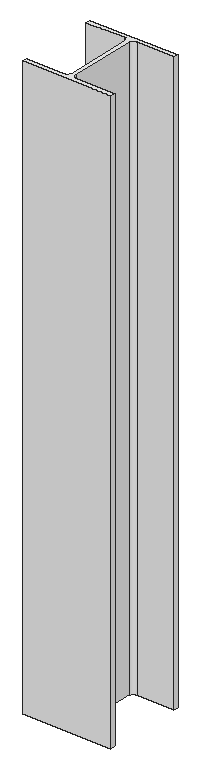
Revit family "HP-Bearing Pile-Column", category 구조 기둥, Revit 2026
Family settings
  단면 모양 = 정의되지 않음
  모델 동작 재료 = 스틸
  항상 형상으로 내보내기 = 아니오
  평면의 보 전환 = 경계 상자에서
  로드될 때 보이드를 사용하여 절단 = 아니오
  기호 표현 = 프로젝트 설정에서
  공유 = 아니오
  평면도에서 미리 절단된 패밀리 표시 = 예
Parameters (values of type "HP360X152")
  Assembly Code = ""
  Structural Material [instance] = Metal - Steel - 345 MPa
  A = 0.0194 m²
  W = 1.49
  bf = 376 mm
  d = 356 mm
  k = 35 mm
  kr = k - tf  # 17.1 mm
  tf = 17.9 mm
  tw = 17.9 mm
Types (2, lengths in mm): name | A | W | bf | d | k | kr | tf | tw
  HP310X93 | 0.0119 m² | 0.919 | 308 | 303 | 30 | 16.9 | 13.1 | 13.1
  HP360X152 | 0.0194 m² | 1.49 | 376 | 356 | 35 | 17.1 | 17.9 | 17.9
Reference planes
  plane 1: y = 0
  plane 2: z = 0
  plane 3: x = 0
  plane 4: x = -188
  plane 5: x = 188
  plane 6: y = 178
  plane 7: y = -178
  plane 8: x = -3.969
  plane 9: x = 3.969
Forms (mm)
  Extrusion 1, solid, material "Metal - Steel - 345 MPa" <- "Structural Material", detail levels medium
    sketch origin (0, 0, 0) x (1, 0, 0) y (0, 1, 0)
      loop
        line (-188, 178) -> (-188, 160.1) -> (-8.95, 160.1) -> (-8.95, -160.1) -> (-188, -160.1) -> (-188, -178) -> (188, -178) -> (188, -160.1) -> (8.95, -160.1) -> (8.95, 160.1) -> (188, 160.1) -> (188, 178) -> (-188, 178)
    from 0 to 2500
  Extrusion 2, solid, material "Metal - Steel - 345 MPa" <- "Structural Material", detail levels fine
    sketch origin (0, 0, 0) x (1, 0, 0) y (0, 1, 0)
      loop
        line (-188, 178) -> (-188, 160.1) -> (-26.05, 160.1)
        arc (-26.05, 160.1) -> (-13.958, 155.092) -> (-8.95, 143) r 17.1
        line (-8.95, 143) -> (-8.95, -143)
        arc (-8.95, -143) -> (-13.958, -155.092) -> (-26.05, -160.1) r 17.1
        line (-26.05, -160.1) -> (-188, -160.1) -> (-188, -178) -> (188, -178) -> (188, -160.1) -> (26.05, -160.1)
        arc (26.05, -160.1) -> (13.958, -155.092) -> (8.95, -143) r 17.1
        line (8.95, -143) -> (8.95, 143)
        arc (8.95, 143) -> (13.958, 155.092) -> (26.05, 160.1) r 17.1
        line (26.05, 160.1) -> (188, 160.1) -> (188, 178) -> (-188, 178)
    from 0 to 2500
Lines and regions (mm)
  symbolic lines, style "StructuralColumnStickSymbols", detail levels coarse
    curve 1: line (-188, 178, 0) -> (188, 178, 0)
    curve 2: line (-188, -178, 0) -> (188, -178, 0)
    curve 3: line (0, 178, 0) -> (0, -178, 0)
  symbolic lines, style "Hidden Faces", detail levels medium+fine
    curve 4: line (-3.969, 0, 0) -> (-3.969, 0, 2500)
    curve 5: line (3.969, 0, 2500) -> (3.969, 0, 0)
Dimensions and locks
  equal spacing: plane 4, plane 3, plane 5
  equal spacing: plane 7, plane 1, plane 6
  "d": plane 7 to plane 6
  "bf": plane 4 to plane 5
  "tf": plane 7 to Extrusion 1 sketch curve
  "tf": Extrusion 1 sketch curve to plane 6
  equal spacing: Extrusion 1 sketch curve, plane 3, Extrusion 1 sketch curve
  "tw": Extrusion 1 sketch curve to Extrusion 1 sketch curve
  "kr": radius of Extrusion 2 sketch curve  (x4)
  aligned and locked: plane 6 to Extrusion 1 sketch curve
  aligned and locked: Extrusion 1 sketch curve to plane 7
  aligned and locked: Extrusion 1 sketch curve to plane 4  (x2)
  aligned and locked: plane 5 to Extrusion 1 sketch curve  (x2)
  aligned and locked: Extrusion 1 sketch curve to Extrusion 1 sketch curve  (x2)
  aligned and locked: level to Extrusion 1
  aligned and locked: level to plane 2
  aligned and locked: Extrusion 1 to plane 2
  aligned and locked: plane 6 to Extrusion 2 sketch curve
  aligned and locked: plane 5 to Extrusion 2 sketch curve  (x2)
  aligned and locked: Extrusion 2 sketch curve to plane 4  (x2)
  aligned and locked: Extrusion 2 sketch curve to Extrusion 1  (x6)
  aligned and locked: Extrusion 2 sketch curve to plane 7
  aligned and locked: level to Extrusion 2
  aligned and locked: Extrusion 2 to level
Automatic sketch dimensions
  curve 2 to plane 4 = 0 mm
  curve 1 to plane 4 = 0 mm
  curve 3 to plane 3 = 0 mm
  curve 2 to plane 5 = 0 mm
  curve 1 to plane 5 = 0 mm
  curve 3 to plane 7 = 0 mm
  curve 3 to plane 6 = 0 mm
  curve 4 to level = 0 mm  (x2)
  curve 4 to plane 8 = 0 mm
  curve 5 to level = 0 mm  (x2)
  curve 5 to plane 9 = 0 mm
